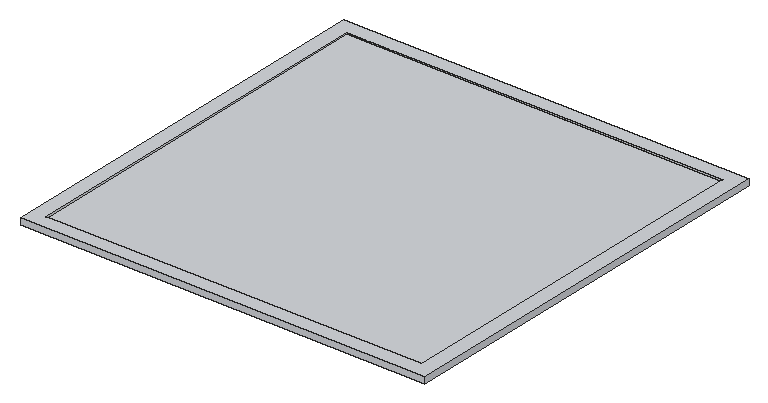
Revit family "595x595_START Panel Backlit UGR19 - Copy (2) - Copy", category Lighting Fixtures, host Face, Revit 2017
Family settings
  Host = Face
  Round Connector Dimension = Use Diameter
  Part Type = Normal
  OmniClass Number = 23.80.70.00
  OmniClass Title = Lighting
  Cut with Voids When Loaded = No
  Light Source = Yes
  Shared = No
  Room Calculation Point = No
Parameters (values of type "0042186")
  Weight = "119.34 kg"
  Wattage Comments = ""
  Wattage = 36 W
  WarrantyStartDate [instance] = "n/a"
  WarrantyGuarantorParts = "n/a"
  WarrantyDurationUnit = "n/a"
  WarrantyDurationParts = "n/a"
  WarrantyDescription = "n/a"
  WIDTH_SYL = 297.5 mm
  built-in parameter 1150110 = 1 (stored number, unit not read)
  Voltage = 0 V
  URL = "http://www.sylvania-lighting.com"
  TypeName = "0042186 ST PANEL UGR19 600X600 3800LM 830 LILO"
  Type Image = <None>
  Type Comments = "n/a"
  built-in parameter 1114217 = 1 (stored number, unit not read)
  Tilt Angle = -90.00°
  built-in parameter 1150109 = 1 (stored number, unit not read)
  built-in parameter 1150134 = (empty or 0)
  TOPWIDTH_SYL = 245 mm
  built-in parameter 1150113 = 1 (stored number, unit not read)
  SerialNumber [instance] = "n/a"
  Photometric Web File = "0042186.ies"
  Material_3_SYL = none
  PowerFactor = 0.9
  PowerConsumption = "36 W"
  NominalLength = 595 mm
  NominalHeight = 35 mm
  NominalDepth = 595 mm
  Name = "START Panel UGR19 600x600 3800Lm 830 LILO"
  ModelReference = Name  # "START Panel UGR19 600x600 3800Lm 830 LILO"
  ModelNumber = "0042186"
  Model = Name  # "START Panel UGR19 600x600 3800Lm 830 LILO"
  Material = "aluminium,steel housing, other diffuser"
  ManufacturerName = "Feilo Sylvania"
  Manufacturer = "Feilo Sylvania"
  MAINHEIGHT_SYL = 63 mm
  LuminousEfficacy = "106 lm/W"
  built-in parameter 1150105 = 303.67 (stored number, unit not read)
  Lumens = 3816 lm
  LuminaireType = ""
  built-in parameter 1150115 = 1 (stored number, unit not read)
  LightOutputRatio = ""
  built-in parameter 1150137 = (empty or 0)
  built-in parameter 1150139 = (empty or 0)
  LampsType = Lamp  # "LED"
  LampNominalLuminous = "3800 lm"
  LampMacAdamStep = "6"
  LampColourTemperature = "3000 K"
  LampColourRenderingIndex = "80"
  built-in parameter 1150112 = 1 (stored number, unit not read)
  built-in parameter 1150114 = 1 (stored number, unit not read)
  Lamp = "LED"
  LUMWIDTH_SYL = 276.5 mm
  LUMDEPTH_SYL = 276.5 mm
  Keynote = "16500"
  InstallationDate [instance] = "n/a"
  InputVoltage = ""
  InputNominalFrequency = ""
  built-in parameter 1150132 = (empty or 0)
  built-in parameter 1150102 = (empty or 0)
  built-in parameter 1150107 = 3000 (stored number, unit not read)
  built-in parameter 1150138 = (empty or 0)
  IngressProtection = "IP40/20"
  ImpactProtectionIndex = "IK03"
  built-in parameter 1150106 = 3.0367 (stored number, unit not read)
  IfcExportType = "IfcLightFixtureType"
  IfcExportAs = "IfcLightFixtureType"
  HEIGHT_SYL = 33 mm
  HEIGHTBOTT_SYL = 7 mm
  Emit from Circle Diameter = 609.6 mm
  Emit Shape Visible in Rendering = no
  ElectricShockClassification = "Class II"
  built-in parameter 1150104 = 9.8477 (stored number, unit not read)
  DocumentationLiterature = "http://www.sylvania-lighting.com/product/en-int/products/0042186"
  DimmingControlOptions = "n/a"
  Material_2_SYL = none
  Dimming Lamp Color Temperature Shift = <None>
  Description = ""
  Default Elevation = 1219.2 mm
  DEPTH_SYL = 297.5 mm
  CreatedOn = "7/3/2020"
  CreatedBy = "@sylvania-lighting.com"
  Cost = 0
  Color Filter = 16777215
  built-in parameter 1114216 [instance] = (empty or 0)
  ClassificationValue = "EF_70_80"
  ClassificationName = "Uniclass2015"
  Material_1_SYL = none
  BarCode [instance] = "n/a"
  built-in parameter 1114218 = 1 (stored number, unit not read)
  BOX_WIDTH_SYL = 40 mm
  built-in parameter 1150133 = 10 (stored number, unit not read)
  AssetType = "Fixed"
  AssetIdentifier [instance] = "n/a"
  Assembly Code = "D5020200"
  Apparent Load = 36 VA
  Material_4_SYL = none
  -LUMDEPTH_SYL = LUMDEPTH_SYL * (-1)  # -276.5 mm
Reference planes
  plane 1 "Center (Front/Back)": y = 0
  plane 2: z = 0
  plane 3 "Center (Left/Right)": x = 0
  plane 4: x = -297.5
  plane 5: x = 297.5
  plane 6: y = 297.5
  plane 7: y = -297.5
  plane 8: x = 276.5
  plane 9: x = -276.5
  plane 10: y = 276.5
  plane 11: y = -276.5
  plane 12: z = -33
  plane 13: z = -7
  plane 14: x = -245
  plane 15: x = 245
  plane 16: y = -245
  plane 17: y = 245
  plane 18: y = 276.5
  plane 19: y = -276.5
  plane 20: z = -63
  plane 21: x = -40
  plane 22: x = 40
Forms (mm)
  Extrusion 1, solid
    sketch origin (0, 0, 0) x (1, 0, 0) y (0, 1, 0)
      loop
        line (-297.5, 297.5) -> (-297.5, -297.5) -> (297.5, -297.5) -> (297.5, 297.5) -> (-297.5, 297.5)
    from -7 to 2
  Extrusion 2, void
    sketch origin (0, 0, 0) x (1, 0, 0) y (0, 1, 0)
      loop
        line (-276.5, 276.5) -> (-276.5, -276.5) -> (276.5, -276.5) -> (276.5, 276.5) -> (-276.5, 276.5)
    from 0 to 10
  Extrusion 3, solid
    sketch origin (0, 0, 0) x (1, 0, 0) y (0, 0, 1)
      loop
        line (-276.5, -7) -> (-245, -33) -> (245, -33) -> (276.5, -7) -> (-276.5, -7)
    from -276.5 <- "-LUMDEPTH_SYL" to 276.5 <- "LUMDEPTH_SYL"
  Extrusion 4, void
    sketch origin (319, 1524, 1219.2) x (0, 1, 0) y (0, 0, 1)
      loop
        line (-1279, -1252.2) -> (-1247.5, -1252.2) -> (-1247.5, -1226.2) -> (-1279, -1252.2)
      loop
        line (-1800.5, -1226.2) -> (-1800.5, -1252.2) -> (-1769, -1252.2) -> (-1800.5, -1226.2)
    from -1000 to 1000
  Extrusion 5, solid
    sketch origin (0, 0, 0) x (1, 0, 0) y (0, 0, 1)
      loop
        line (-40, -33) -> (-40, -63) -> (40, -63) -> (40, -33) -> (-40, -33)
    from -40 to 40
Cuts and joins
  Extrusion 2 cuts Extrusion 1
  Extrusion 4 cuts Extrusion 3
Dimensions and locks
  "WIDTH_SYL": plane 4 to plane 3 "Center (Left/Right)" to plane 5
  "DEPTH_SYL": plane 7 to plane 1 "Center (Front/Back)" to plane 6
  "LUMWIDTH_SYL": plane 9 to plane 3 "Center (Left/Right)" to plane 8
  "LUMDEPTH_SYL": plane 11 to plane 1 "Center (Front/Back)" to plane 10
  "HEIGHT_SYL": host face to plane 12
  "HEIGHTBOTT_SYL": host face to plane 13
  "TOPWIDTH_SYL": plane 14 to imposter light to plane 15
  "TOPWIDTH_SYL": plane 17 to imposter light to plane 16
  "LUMWIDTH_SYL": plane 18 to imposter light to plane 19
  "MAINHEIGHT_SYL": host face to plane 20
  "BOX_WIDTH_SYL": plane 21 to imposter light to plane 22
  Extrusion 5 sketch curve to Extrusion 5 sketch curve to plane 13 = 30 mm, 26 mm
  aligned and locked: plane 2 to host face
  aligned and locked: level to host face
  aligned and locked: plane 6 to Extrusion 1 sketch curve
  aligned and locked: plane 4 to Extrusion 1 sketch curve
  aligned and locked: Extrusion 1 sketch curve to plane 7
  aligned and locked: Extrusion 1 sketch curve to plane 5
  aligned and locked: plane 10 to Extrusion 2 sketch curve
  aligned and locked: Extrusion 2 sketch curve to plane 9
  aligned and locked: Extrusion 2 sketch curve to plane 11
  aligned and locked: plane 8 to Extrusion 2 sketch curve
  aligned and locked: Extrusion 5 sketch curve to plane 21
  aligned and locked: plane 22 to Extrusion 5 sketch curve
Automatic sketch dimensions
  host sketch curve to host sketch curve = 2438.4 mm  (x2)
  plane 9 to Extrusion 3 sketch curve = 0 mm
  Extrusion 3 sketch curve to plane 12 = 0 mm
  plane 14 to Extrusion 3 sketch curve = 0 mm
  plane 15 to Extrusion 3 sketch curve = 0 mm
  plane 8 to Extrusion 3 sketch curve = 0 mm
  Extrusion 3 sketch curve to plane 13 = 0 mm
  Extrusion 4 sketch curve to plane 11 = 0 mm
  plane 12 to Extrusion 4 sketch curve = 0 mm  (x2)
  Extrusion 4 sketch curve to plane 16 = 0 mm
  Extrusion 4 sketch curve to plane 17 = 0 mm
  Extrusion 4 sketch curve to plane 10 = 0 mm
  plane 13 to Extrusion 4 sketch curve = 0 mm  (x2)
